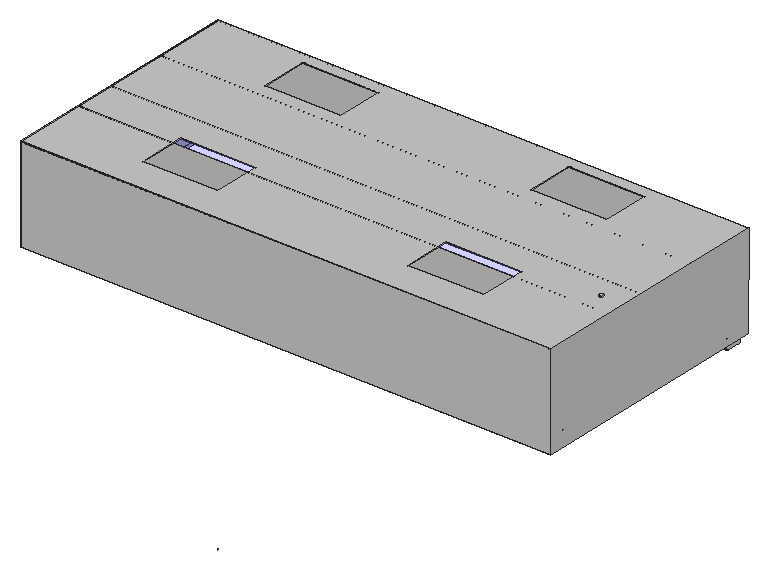
Revit family "QF_ELECTROLUXPROFESSIONAL_640040_STPF1328", category Specialty Equipment, Revit 2014
Reference planes
  plane 1: z = 0
  plane 2 "Center (Left/Right)": x = 150
  plane 3 "LEFT": x = -1250
  plane 4 "RIGHT": x = 1550
  plane 5 "BACK": y = 550
  plane 6 "TOP": z = 2500
  plane 7 "Base": z = 2000
  plane 8: z = 1955
  plane 9 "DrainY": y = 490
  plane 10: x = -1247
  plane 11 "DrainX": x = 1430
  plane 12 "AOLeft2": x = -350
  plane 13 "AORight1": x = 650
  plane 14: x = 1547
  plane 15: x = -1050
  plane 16: x = 1350
  plane 17 "Center (Front/Back)": y = -100
  plane 18 "Front": y = -750
  plane 19 "AOLeft1": x = -750
  plane 20 "AORight2": x = 1050
  plane 21: y = -664
  plane 22: y = -414
  plane 23: y = 240
  plane 24: y = 490
  plane 25 "EI_y": y = -270
  plane 26 "EIx": x = 1430
Forms (mm)
  Extrusion 1, solid, material "QF_Finishes_Stainless Steel"
    sketch origin (-1250, 0, 360) x (0, 1, 0) y (0, 0, 1)
      loop
        line (550, 1640) -> (550, 2140) -> (-750, 2140) -> (-750, 1640) -> (550, 1640)
    from 0 to 3
  Extrusion 2, solid, material "QF_Finishes_Stainless Steel"
    sketch origin (1550, 0, 360) x (0, 1, 0) y (0, 0, 1)
      loop
        line (550, 1640) -> (550, 2140) -> (-750, 2140) -> (-750, 1640) -> (550, 1640)
    from 0 to -3
  Extrusion 3, solid, material "QF_Finishes_Stainless Steel"
    sketch origin (150, 0, 360) x (0, 1, 0) y (0, 0, 1)
      loop
        line (-750, 2140) -> (-750, 1640) -> (-740, 1640) -> (-740, 1640.8) -> (-749.2, 1640.8) -> (-749.2, 2139.19) -> (549.2, 2139.19) -> (549.2, 1640.8) -> (540, 1640.8) -> (540, 1640) -> (550, 1640) -> (550, 2140) -> (-750, 2140)
    from -1400 to 1400
  Extrusion 4, solid, material "QF_Finishes_Stainless Steel"
    sketch origin (0, 0, 2000) x (0, 1, 0) y (-1, 0, 0)
      loop
        circle (490, -1430) r 4.763
    from -30 to 0
  Extrusion 5, void
    sketch origin (0, 0, 2500) x (0, 1, 0) y (-1, 0, 0)
      loop
        line (-320, 350) -> (-320, 750) -> (-570, 750) -> (-570, 350) -> (-320, 350)
    from 0 to -10
  Extrusion 6, solid, material "QF_Finishes_Stainless Steel"
    sketch origin (0, 0, 0) x (1, 0, 0) y (0, 1, 0)
      loop
        line (-1250, 550) -> (-1250, 549) -> (-1249, 549) -> (-1249, 550) -> (-1250, 550)
    from 0 to 1
  Extrusion 7, solid, material "QF_LAMPS"
    sketch origin (150, 0, 360) x (0, 1, 0) y (0, 0, 1)
      loop
        line (-372.823, 1962.324) -> (-218.948, 2086.929) -> (-227.129, 2097.032) -> (-381.003, 1972.426) -> (-372.823, 1962.324)
    from 1397 to -1397
  Extrusion 8, solid, material "QF_Finishes_Stainless Steel"
    sketch origin (150, 0, 360) x (0, 1, 0) y (0, 0, 1)
      loop
        line (-750, 2139.19) -> (-750, 1640) -> (-686.602, 1640) -> (-599.146, 1690.493) -> (-610.058, 1709.394) -> (-666.564, 1676.77) -> (-714.704, 1680.982) -> (-749.2, 1730.248) -> (-749.2, 2139.19) -> (-750, 2139.19)
      loop
        line (-373.6, 1961.694) -> (-381.937, 1971.99) -> (-369.095, 1982.182) -> (-369.095, 2139.19) -> (-369.895, 2139.19) -> (-369.895, 1982.569) -> (-682.298, 1734.63) -> (-671.091, 1720.79) -> (-373.6, 1961.694)
      loop
        line (-227.61, 2099.216) -> (-218.171, 2087.559) -> (-154.411, 2139.19) -> (-155.682, 2139.19) -> (-218.052, 2088.684) -> (-226.989, 2099.719) -> (-227.61, 2099.216)
    from -1397 to 1397
  Sweep 9, solid, material "QF_Finishes_Stainless Steel"
    path origin (0, 0, 0) x (1, 0, 0) y (0, 1, 0)
      loop
        line (1550, 550) -> (-1250, 550) -> (-1250, -750) -> (1550, -750) -> (1550, 550)
    profile origin (1550, -100, 0) x (1, 0, 0) y (0, 0, 1)
      loop
        line (-3, 2000) -> (-3, 2000.8) -> (-19, 2000.8) -> (-19, 2010) -> (-20, 2010) -> (-20, 2000) -> (-3, 2000)
  Extrusion 10, solid, material "QF_Finishes_Stainless Steel"
    sketch origin (150, 0, 0) x (0, 1, 0) y (0, 0, 1)
      loop
        line (414.66, 2095.469) -> (440.643, 2110.471) -> (261.744, 2411.771) -> (235.948, 2396.455) -> (414.66, 2095.469)
    from -1397 to -1200
  Extrusion 11, void
    sketch origin (1134.605, 0, 2500) x (0, 1, 0) y (-1, 0, 0)
      loop
        line (-320, 84.605) -> (-320, 484.605) -> (-570, 484.605) -> (-570, 84.605) -> (-320, 84.605)
    from 0 to -10
  Extrusion 12, solid, material "QF_Finishes_Stainless Steel"
    sketch origin (1430, 0, 0) x (0, 1, 0) y (0, 0, 1)
      loop
        line (539, 2000) -> (441, 2000) -> (441, 1989) -> (448.5, 1989) -> (448.5, 1965)
        arc (448.5, 1965) -> (451.429, 1957.929) -> (458.5, 1955) r 10
        line (458.5, 1955) -> (521.5, 1955)
        arc (521.5, 1955) -> (528.571, 1957.929) -> (531.5, 1965) r 10
        line (531.5, 1965) -> (531.5, 1989) -> (539, 1989) -> (539, 2000)
    from 90 to -90
  Extrusion 13, solid, material "QF_Finishes_Stainless Steel"
    sketch origin (150, 0, 360) x (0, 1, 0) y (0, 0, 1)
      loop
        line (-750, 2139.19) -> (-750, 1640) -> (-686.602, 1640) -> (-599.146, 1690.493) -> (-610.058, 1709.394) -> (-666.564, 1676.77) -> (-714.704, 1680.982) -> (-749.2, 1730.248) -> (-749.2, 2139.19) -> (-750, 2139.19)
      loop
        line (-373.6, 1961.694) -> (-381.937, 1971.99) -> (-369.095, 1982.182) -> (-369.095, 2139.19) -> (-369.895, 2139.19) -> (-369.895, 1982.569) -> (-682.298, 1734.63) -> (-671.091, 1720.79) -> (-373.6, 1961.694)
      loop
        line (-227.61, 2099.216) -> (-218.171, 2087.559) -> (-154.411, 2139.19) -> (-155.682, 2139.19) -> (-218.052, 2088.684) -> (-226.989, 2099.719) -> (-227.61, 2099.216)
    from -1397 to 1397
  Extrusion 14, solid, material "QF_Finishes_Stainless Steel"
    sketch origin (150, 0, 0) x (0, 1, 0) y (0, 0, 1)
      loop
        line (414.66, 2095.469) -> (440.643, 2110.471) -> (261.744, 2411.771) -> (235.948, 2396.455) -> (414.66, 2095.469)
    from 1200 to 1397
  Extrusion 15, solid, material "QF_Finished_Chrome"
    sketch origin (150, 0, 0) x (0, 1, 0) y (0, 0, 1)
      loop
        line (414.66, 2095.469) -> (440.643, 2110.471) -> (261.744, 2411.771) -> (235.948, 2396.455) -> (414.66, 2095.469)
    from -1200 to 1200
  Extrusion 16, void
    sketch origin (0, 1180, 2500) x (0, 1, 0) y (-1, 0, 0)
      loop
        line (-690, 350) -> (-690, 750) -> (-940, 750) -> (-940, 350) -> (-690, 350)
    from 0 to -10
  Extrusion 17, void
    sketch origin (1600, 1180, 2500) x (0, 1, 0) y (-1, 0, 0)
      loop
        line (-690, 550) -> (-690, 950) -> (-940, 950) -> (-940, 550) -> (-690, 550)
    from 0 to -10
  Extrusion 18, solid, material "QF_Finishes_Stainless Steel"
    sketch origin (0, 0, 2500) x (0, 1, 0) y (-1, 0, 0)
      loop
        circle (-270, -1430) r 10
    from 0 to 1.6
  Extrusion 19, solid, material "QF_Finishes_Stainless Steel"
    sketch origin (150, 0, 360) x (0, 1, 0) y (0, 0, 1)
      loop
        line (430.005, 1640) -> (540, 1640) -> (540, 1640.8) -> (430.467, 1640.8) -> (371.906, 1742.23) -> (414.858, 1734.657) -> (442.266, 1750.481) -> (442.266, 1765.943) -> (441.466, 1765.943) -> (441.466, 1750.943) -> (414.709, 1735.495) -> (321.153, 1751.991) -> (320.875, 1750.416) -> (371.4, 1741.507) -> (430.005, 1640)
      loop
        line (172.529, 2139.19) -> (242.893, 2017.316) -> (245.133, 2018.715) -> (240.13, 2027.381) -> (238.569, 2026.405) -> (173.453, 2139.19) -> (172.529, 2139.19)
    from -1397 to 1397
Cuts and joins
  Extrusion 5, Extrusion 11, Extrusion 16, Extrusion 17 cuts Extrusion 3
  joined: Extrusion 2, Extrusion 3, Sweep 9
Lines and regions (mm)
  symbolic lines, style "SpecialityEquipment", detail levels coarse
    curve 1: line (1550, 550, 2500) -> (-1250, 550, 2500)
    curve 2: line (-1250, 550, 2500) -> (-1250, -750, 2500)
    curve 3: line (1550, -750, 2500) -> (1550, 550, 2500)
    curve 4: line (-1250, 550, 0) -> (1550, -750, 0)
    curve 5: line (1550, 550, 0) -> (-1250, -750, 0)
    curve 6: line (-1250, -750, 0) -> (1550, -750, 0)
    curve 7: line (-350, -320, 0) -> (-750, -320, 0)
    curve 8: line (-350, -570, 0) -> (-350, -320, 0)
    curve 9: line (-750, -570, 0) -> (-350, -570, 0)
    curve 10: line (-750, -320, 0) -> (-750, -570, 0)
    curve 11: line (650, -320, 0) -> (650, -570, 0)
    curve 12: line (1050, -320, 0) -> (650, -320, 0)
    curve 13: line (1050, -570, 0) -> (1050, -320, 0)
    curve 14: line (650, -570, 0) -> (1050, -570, 0)
  symbolic lines, detail levels coarse
    curve 15: line (-750, 240, 2500) -> (-350, 240, 2500)
    curve 16: line (-750, 490, 2500) -> (-750, 240, 2500)
    curve 17: line (-350, 490, 2500) -> (-750, 490, 2500)
    curve 18: line (-350, 240, 2500) -> (-350, 490, 2500)
    curve 19: line (650, 490, 2500) -> (650, 240, 2500)
    curve 20: line (1050, 490, 2500) -> (650, 490, 2500)
    curve 21: line (650, 240, 2500) -> (1050, 240, 2500)
    curve 22: line (1050, 240, 2500) -> (1050, 490, 2500)
Dimensions and locks
  plane 3 "LEFT" to plane 4 "RIGHT" = 2800 mm
  equal spacing: plane 3 "LEFT", plane 2 "Center (Left/Right)", plane 4 "RIGHT"
  plane 7 "Base" to plane 8 = 45 mm
  plane 5 "BACK" to plane 9 "DrainY" = 60 mm  (x2)
  plane 3 "LEFT" to plane 10 = 3 mm
  plane 11 "DrainX" to plane 4 "RIGHT" = 120 mm
  plane 14 to plane 4 "RIGHT" = 3 mm
  plane 3 "LEFT" to plane 15 = 200 mm
  plane 16 to plane 4 "RIGHT" = 200 mm
  locked: plane 12 "AOLeft2" to plane 13 "AORight1" at 1000
  equal spacing: plane 12 "AOLeft2", plane 2 "Center (Left/Right)", plane 13 "AORight1"
  locked: plane 7 "Base" to level at 2000
  locked: plane 6 "TOP" to plane 7 "Base" at 500
  locked: plane 5 "BACK" to plane 18 "Front" at 1300
  equal spacing: plane 5 "BACK", plane 17 "Center (Front/Back)", plane 18 "Front"
  locked: plane 19 "AOLeft1" to plane 12 "AOLeft2" at 400
  locked: plane 13 "AORight1" to plane 20 "AORight2" at 400
  locked: plane 22 to plane 21 at 250
  plane 21 to plane 18 "Front" = 86 mm
  locked: plane 24 to plane 23 at 250
  plane 5 "BACK" to plane 24 = 60 mm
  locked: plane 25 "EI_y" to plane 18 "Front" at 480
  locked: plane 26 "EIx" to plane 4 "RIGHT" at 120
  plane 5 "BACK" to plane 18 "Front" = 1300 mm
  aligned and locked: level to plane 1
  aligned and locked: plane 4 "RIGHT" to Extrusion 3
  aligned and locked: Extrusion 3 to plane 3 "LEFT"
  aligned and locked: Extrusion 2 to plane 14
  aligned and locked: Extrusion 10 to plane 10
  aligned and locked: Extrusion 8 to plane 10
  aligned and locked: plane 14 to Extrusion 8
  aligned and locked: Extrusion 5 to plane 19 "AOLeft1"
  aligned and locked: Extrusion 5 to plane 12 "AOLeft2"
  aligned and locked: plane 20 "AORight2" to Extrusion 11
  aligned and locked: plane 13 "AORight1" to Extrusion 11
  aligned and locked: plane 15 to Extrusion 10
  aligned and locked: plane 16 to Extrusion 14
  aligned and locked: plane 14 to Extrusion 14
  aligned and locked: Extrusion 15 to plane 15
  aligned and locked: Extrusion 15 to plane 16
  aligned and locked: plane 14 to Extrusion 7
  aligned and locked: Extrusion 7 to plane 10
  aligned and locked: Extrusion 16 to plane 23
  aligned and locked: plane 24 to Extrusion 16
  aligned and locked: plane 24 to Extrusion 17
  aligned and locked: Extrusion 17 to plane 23
  aligned and locked: plane 13 "AORight1" to Extrusion 17
  aligned and locked: plane 20 "AORight2" to Extrusion 17
  aligned and locked: Extrusion 16 to plane 19 "AOLeft1"
  aligned and locked: Extrusion 16 to plane 12 "AOLeft2"
  aligned and locked: Extrusion 19 to plane 10
  aligned and locked: plane 14 to Extrusion 19
  aligned and locked: plane 14 to Extrusion 13
  aligned and locked: Extrusion 13 to plane 10
Automatic sketch dimensions
  curve 6 to plane 3 "LEFT" = 0 mm
  curve 4 to plane 3 "LEFT" = 0 mm
  curve 10 to plane 19 "AOLeft1" = 0 mm
  curve 8 to plane 12 "AOLeft2" = 0 mm
  curve 14 to plane 13 "AORight1" = 0 mm
  curve 14 to plane 20 "AORight2" = 0 mm
  curve 5 to plane 4 "RIGHT" = 0 mm
  curve 6 to plane 4 "RIGHT" = 0 mm
  curve 4 to plane 18 "Front" = 0 mm
  curve 4 to plane 5 "BACK" = 0 mm
  curve 5 to plane 5 "BACK" = 0 mm
  plane 21 to curve 14 = 94 mm
  plane 21 to curve 9 = 94 mm
  curve 10 to plane 25 "EI_y" = 50 mm
  curve 11 to plane 25 "EI_y" = 50 mm
  curve 2 to plane 3 "LEFT" = 0 mm
  curve 2 to plane 18 "Front" = 0 mm
  curve 3 to plane 4 "RIGHT" = 0 mm
  curve 3 to plane 18 "Front" = 0 mm
  curve 2 to plane 5 "BACK" = 0 mm
  Extrusion 1 sketch curve to plane 7 "Base" = 0 mm
  Extrusion 1 sketch curve to plane 18 "Front" = 0 mm
  Extrusion 1 sketch curve to plane 5 "BACK" = 0 mm
  Extrusion 1 sketch curve to plane 6 "TOP" = 0 mm
  Extrusion 2 sketch curve to plane 7 "Base" = 0 mm
  Extrusion 2 sketch curve to plane 18 "Front" = 0 mm
  Extrusion 2 sketch curve to plane 5 "BACK" = 0 mm
  Extrusion 2 sketch curve to plane 6 "TOP" = 0 mm
  Extrusion 3 sketch curve to plane 6 "TOP" = 0 mm
  Extrusion 3 sketch curve to plane 18 "Front" = 0 mm
  Extrusion 3 sketch curve to plane 7 "Base" = 0 mm  (x2)
  Extrusion 3 sketch curve to plane 5 "BACK" = 0 mm
  plane 18 "Front" to Extrusion 3 sketch curve = 0.8 mm
  Extrusion 3 sketch curve to Extrusion 3 sketch curve = 9.2 mm
  plane 7 "Base" to Extrusion 3 sketch curve = 0.8 mm  (x2)
  Extrusion 3 sketch curve to plane 5 "BACK" = 10 mm
  Extrusion 3 sketch curve to plane 5 "BACK" = 0.8 mm
  Extrusion 3 sketch curve to plane 6 "TOP" = 0.81 mm
  Extrusion 4 sketch curve to plane 9 "DrainY" = 0 mm
  Extrusion 4 sketch curve to plane 11 "DrainX" = 0 mm
  Extrusion 5 sketch curve to plane 12 "AOLeft2" = 0 mm
  Extrusion 5 sketch curve to plane 19 "AOLeft1" = 0 mm
  plane 21 to Extrusion 5 sketch curve = 94 mm
  Extrusion 5 sketch curve to plane 25 "EI_y" = 50 mm
  Extrusion 6 sketch curve to plane 3 "LEFT" = 0 mm
  Extrusion 6 sketch curve to plane 5 "BACK" = 0 mm
  plane 3 "LEFT" to Extrusion 6 sketch curve = 1 mm
  Extrusion 6 sketch curve to Extrusion 6 sketch curve = 1 mm
  plane 22 to Extrusion 7 sketch curve = 32.997 mm
  Extrusion 7 sketch curve to Extrusion 7 sketch curve = 8.181 mm  (x2)
  plane 25 "EI_y" to Extrusion 7 sketch curve = 42.871 mm
  Extrusion 7 sketch curve to plane 6 "TOP" = 177.676 mm
  Extrusion 7 sketch curve to Extrusion 7 sketch curve = 10.102 mm
  Extrusion 7 sketch curve to plane 6 "TOP" = 53.071 mm
  Extrusion 7 sketch curve to Extrusion 7 sketch curve = 10.103 mm
  Extrusion 8 sketch curve to plane 7 "Base" = 0 mm
  Extrusion 8 sketch curve to plane 18 "Front" = 0 mm
  Extrusion 8 sketch curve to Extrusion 8 sketch curve = 0.8 mm  (x2)
  plane 18 "Front" to Extrusion 8 sketch curve = 35.296 mm
  Extrusion 8 sketch curve to plane 21 = 22.602 mm
  Extrusion 8 sketch curve to plane 21 = 18.298 mm
  Extrusion 8 sketch curve to plane 21 = 7.091 mm
  Extrusion 8 sketch curve to plane 21 = 2.564 mm
  plane 21 to Extrusion 8 sketch curve = 53.942 mm
  Extrusion 8 sketch curve to Extrusion 8 sketch curve = 10.912 mm
  plane 22 to Extrusion 8 sketch curve = 32.063 mm
  Extrusion 8 sketch curve to Extrusion 8 sketch curve = 8.337 mm
  Extrusion 8 sketch curve to Extrusion 8 sketch curve = 12.042 mm
  plane 25 "EI_y" to Extrusion 8 sketch curve = 42.39 mm
  Extrusion 8 sketch curve to Extrusion 8 sketch curve = 0.622 mm
  Extrusion 8 sketch curve to Extrusion 8 sketch curve = 9.44 mm
  Extrusion 8 sketch curve to Extrusion 8 sketch curve = 0.118 mm
  Extrusion 8 sketch curve to plane 6 "TOP" = 0.81 mm  (x3)
  Extrusion 8 sketch curve to plane 17 "Center (Front/Back)" = 55.682 mm
  Extrusion 8 sketch curve to Extrusion 8 sketch curve = 1.271 mm
  plane 7 "Base" to Extrusion 8 sketch curve = 36.77 mm
  plane 7 "Base" to Extrusion 8 sketch curve = 40.982 mm
  plane 7 "Base" to Extrusion 8 sketch curve = 50.493 mm
  Extrusion 8 sketch curve to Extrusion 8 sketch curve = 18.901 mm
  Extrusion 8 sketch curve to Extrusion 8 sketch curve = 44.02 mm
  Extrusion 8 sketch curve to Extrusion 8 sketch curve = 49.266 mm
  Extrusion 8 sketch curve to Extrusion 8 sketch curve = 13.84 mm
  Extrusion 8 sketch curve to plane 6 "TOP" = 178.306 mm
  Extrusion 8 sketch curve to Extrusion 8 sketch curve = 10.296 mm
  Extrusion 8 sketch curve to Extrusion 8 sketch curve = 10.192 mm
  Extrusion 8 sketch curve to Extrusion 8 sketch curve = 0.386 mm
  Extrusion 8 sketch curve to plane 6 "TOP" = 52.441 mm
  Extrusion 8 sketch curve to Extrusion 8 sketch curve = 1.125 mm
  Sweep 9 sketch curve to plane 3 "LEFT" = 0 mm
  Sweep 9 sketch curve to plane 4 "RIGHT" = 0 mm
  Sweep 9 sketch curve to plane 18 "Front" = 0 mm
  Sweep 9 sketch curve to plane 5 "BACK" = 0 mm
  profile plane to Sweep 9 sketch curve = 20 mm
  Sweep 9 sketch curve to Sweep 9 sketch curve = 1 mm
  profile plane to Sweep 9 sketch curve = 3 mm
  level to Sweep 9 sketch curve = 2000 mm
  Sweep 9 sketch curve to Sweep 9 sketch curve = 0.8 mm
  Sweep 9 sketch curve to Sweep 9 sketch curve = 9.2 mm
  Extrusion 10 sketch curve to plane 23 = 4.052 mm
  plane 23 to Extrusion 10 sketch curve = 21.744 mm
  Extrusion 10 sketch curve to plane 9 "DrainY" = 75.34 mm
  Extrusion 10 sketch curve to Extrusion 10 sketch curve = 25.983 mm
  plane 7 "Base" to Extrusion 10 sketch curve = 95.469 mm
  Extrusion 10 sketch curve to Extrusion 10 sketch curve = 15.001 mm
  Extrusion 10 sketch curve to plane 6 "TOP" = 103.545 mm
  Extrusion 10 sketch curve to Extrusion 10 sketch curve = 15.316 mm
  Extrusion 11 sketch curve to plane 20 "AORight2" = 0 mm
  Extrusion 11 sketch curve to plane 13 "AORight1" = 0 mm
  plane 21 to Extrusion 11 sketch curve = 94 mm
  Extrusion 11 sketch curve to plane 25 "EI_y" = 50 mm
  Extrusion 13 sketch curve to plane 7 "Base" = 0 mm
  Extrusion 13 sketch curve to plane 18 "Front" = 0 mm
  Extrusion 13 sketch curve to Extrusion 13 sketch curve = 0.8 mm  (x2)
  plane 18 "Front" to Extrusion 13 sketch curve = 35.296 mm
  Extrusion 13 sketch curve to plane 21 = 22.602 mm
  Extrusion 13 sketch curve to plane 21 = 18.298 mm
  Extrusion 13 sketch curve to plane 21 = 7.091 mm
  Extrusion 13 sketch curve to plane 21 = 2.564 mm
  plane 21 to Extrusion 13 sketch curve = 53.942 mm
  Extrusion 13 sketch curve to Extrusion 13 sketch curve = 10.912 mm
  plane 22 to Extrusion 13 sketch curve = 32.063 mm
  Extrusion 13 sketch curve to Extrusion 13 sketch curve = 8.337 mm
  Extrusion 13 sketch curve to plane 6 "TOP" = 0.81 mm  (x3)
  plane 22 to Extrusion 13 sketch curve = 44.105 mm
  plane 25 "EI_y" to Extrusion 13 sketch curve = 42.39 mm
  Extrusion 13 sketch curve to Extrusion 13 sketch curve = 0.622 mm
  Extrusion 13 sketch curve to Extrusion 13 sketch curve = 9.44 mm
  Extrusion 13 sketch curve to Extrusion 13 sketch curve = 0.118 mm
  Extrusion 13 sketch curve to plane 17 "Center (Front/Back)" = 55.682 mm
  Extrusion 13 sketch curve to Extrusion 13 sketch curve = 1.271 mm
  plane 7 "Base" to Extrusion 13 sketch curve = 36.77 mm
  plane 7 "Base" to Extrusion 13 sketch curve = 40.982 mm
  plane 7 "Base" to Extrusion 13 sketch curve = 50.493 mm
  Extrusion 13 sketch curve to Extrusion 13 sketch curve = 18.901 mm
  Extrusion 13 sketch curve to Extrusion 13 sketch curve = 44.02 mm
  Extrusion 13 sketch curve to Extrusion 13 sketch curve = 49.266 mm
  Extrusion 13 sketch curve to Extrusion 13 sketch curve = 13.84 mm
  Extrusion 13 sketch curve to Extrusion 13 sketch curve = 177.496 mm
  Extrusion 13 sketch curve to Extrusion 13 sketch curve = 10.296 mm
  Extrusion 13 sketch curve to Extrusion 13 sketch curve = 10.192 mm
  Extrusion 13 sketch curve to Extrusion 13 sketch curve = 0.386 mm
  Extrusion 13 sketch curve to plane 6 "TOP" = 52.441 mm
  Extrusion 13 sketch curve to Extrusion 13 sketch curve = 1.125 mm
  Extrusion 14 sketch curve to plane 23 = 4.052 mm
  plane 23 to Extrusion 14 sketch curve = 21.744 mm
  Extrusion 14 sketch curve to plane 9 "DrainY" = 75.34 mm
  Extrusion 14 sketch curve to Extrusion 14 sketch curve = 25.983 mm
  plane 7 "Base" to Extrusion 14 sketch curve = 95.469 mm
  Extrusion 14 sketch curve to Extrusion 14 sketch curve = 15.001 mm
  Extrusion 14 sketch curve to plane 6 "TOP" = 103.545 mm
  Extrusion 14 sketch curve to Extrusion 14 sketch curve = 15.316 mm
  Extrusion 15 sketch curve to plane 23 = 4.052 mm
  plane 23 to Extrusion 15 sketch curve = 21.744 mm
  Extrusion 15 sketch curve to plane 9 "DrainY" = 75.34 mm
  Extrusion 15 sketch curve to Extrusion 15 sketch curve = 25.983 mm
  plane 7 "Base" to Extrusion 15 sketch curve = 95.469 mm
  Extrusion 15 sketch curve to Extrusion 15 sketch curve = 15.001 mm
  Extrusion 15 sketch curve to plane 6 "TOP" = 103.545 mm
  Extrusion 15 sketch curve to Extrusion 15 sketch curve = 15.316 mm
  Extrusion 16 sketch curve to plane 12 "AOLeft2" = 0 mm
  Extrusion 16 sketch curve to plane 23 = 0 mm
  Extrusion 16 sketch curve to plane 9 "DrainY" = 0 mm
  Extrusion 16 sketch curve to plane 19 "AOLeft1" = 0 mm
  Extrusion 17 sketch curve to plane 20 "AORight2" = 0 mm
  Extrusion 17 sketch curve to plane 23 = 0 mm
  Extrusion 17 sketch curve to plane 9 "DrainY" = 0 mm
  Extrusion 17 sketch curve to plane 13 "AORight1" = 0 mm
  Extrusion 18 sketch curve to plane 25 "EI_y" = 0 mm
  Extrusion 18 sketch curve to plane 26 "EIx" = 0 mm
  Extrusion 19 sketch curve to plane 7 "Base" = 0 mm
  Extrusion 19 sketch curve to plane 9 "DrainY" = 47.734 mm
  Extrusion 19 sketch curve to Extrusion 19 sketch curve = 0.8 mm
  plane 9 "DrainY" to Extrusion 19 sketch curve = 50 mm
  plane 7 "Base" to Extrusion 19 sketch curve = 0.8 mm
  Extrusion 19 sketch curve to Extrusion 19 sketch curve = 109.533 mm
  Extrusion 19 sketch curve to Extrusion 19 sketch curve = 0.462 mm  (x2)
  Extrusion 19 sketch curve to Extrusion 19 sketch curve = 26.608 mm
  Extrusion 19 sketch curve to Extrusion 19 sketch curve = 0.148 mm
  Extrusion 19 sketch curve to Extrusion 19 sketch curve = 42.803 mm
  Extrusion 19 sketch curve to Extrusion 19 sketch curve = 0.506 mm
  Extrusion 19 sketch curve to Extrusion 19 sketch curve = 50.247 mm
  Extrusion 19 sketch curve to Extrusion 19 sketch curve = 0.278 mm
  plane 23 to Extrusion 19 sketch curve = 5.133 mm
  Extrusion 19 sketch curve to Extrusion 19 sketch curve = 2.24 mm
  plane 23 to Extrusion 19 sketch curve = 0.13 mm
  Extrusion 19 sketch curve to plane 23 = 1.431 mm
  Extrusion 19 sketch curve to plane 6 "TOP" = 0.81 mm
  Extrusion 19 sketch curve to plane 23 = 66.547 mm
  Extrusion 19 sketch curve to Extrusion 19 sketch curve = 0.924 mm
  plane 7 "Base" to Extrusion 19 sketch curve = 94.657 mm
  Extrusion 19 sketch curve to Extrusion 19 sketch curve = 0.838 mm
  Extrusion 19 sketch curve to Extrusion 19 sketch curve = 6.012 mm
  Extrusion 19 sketch curve to Extrusion 19 sketch curve = 0.723 mm
  Extrusion 19 sketch curve to Extrusion 19 sketch curve = 14.986 mm
  Extrusion 19 sketch curve to Extrusion 19 sketch curve = 15 mm
  Extrusion 19 sketch curve to plane 6 "TOP" = 122.684 mm
  Extrusion 19 sketch curve to Extrusion 19 sketch curve = 1.399 mm
  Extrusion 19 sketch curve to Extrusion 19 sketch curve = 9.089 mm
  Extrusion 19 sketch curve to Extrusion 19 sketch curve = 0.975 mm
  curve 15 to plane 19 "AOLeft1" = 0 mm
  curve 15 to plane 23 = 0 mm
  curve 16 to plane 9 "DrainY" = 0 mm
  curve 15 to plane 12 "AOLeft2" = 0 mm
  curve 19 to plane 13 "AORight1" = 0 mm
  curve 19 to plane 23 = 0 mm
  curve 20 to plane 9 "DrainY" = 0 mm
  curve 21 to plane 20 "AORight2" = 0 mm
  Extrusion 12 sketch curve to plane 8 = 0 mm
  Extrusion 12 sketch curve to plane 7 "Base" = 11 mm  (x2)
  Extrusion 12 sketch curve to plane 9 "DrainY" = 49 mm
  Extrusion 12 sketch curve to Extrusion 12 sketch curve = 7.5 mm  (x2)
  Extrusion 12 sketch curve to Extrusion 12 sketch curve = 10 mm
  Extrusion 12 sketch curve to plane 5 "BACK" = 28.5 mm
  Extrusion 12 sketch curve to plane 5 "BACK" = 18.5 mm
  plane 7 "Base" to Extrusion 12 sketch curve = 0 mm
  radius of Extrusion 4 sketch curve = 4.763 mm
  radius of Extrusion 18 sketch curve = 10 mm
Connectors
  piping at (1430, 490, 1970), diameter 9.5
    settings: on Extrusion 4, index 1, connector inside diameter 609.6 mm, connector length 0 mm, flow factor 0, pipe flow 0.0 L/s, pressure drop 0.0 Pa, fitting loss kfactor 0, connector angle 0.00°, fixture units 0, engagement length 0 mm, angle of deflection 0.00°, flow configuration 1, flow direction 2, fitting loss method 0, system type 16, joint type 0, gender type 0, connector reference index -1, connector utility 0, adjustable connector no, is connector primary yes, connector description "Drain"
  hvac at (-550, -445, 2500)
    settings: on Extrusion 5, index 2, duct flow 0.0 L/s, flow factor 0, pres drop 0.0 Pa, loss coef 0, conn angle 0.00°, conn width 250 mm, conn height 400 mm, conn diameter 609.6 mm, duct sys type 1, conn prof type 1, flow config 1, flow direction 1, loss method 0, conn ref index -1, conn util no, is conn primary yes, conn desc "AIR INLET"
  hvac at (850, -445, 2500)
    settings: on Extrusion 11, index 3, duct flow 0.0 L/s, flow factor 0, pres drop 0.0 Pa, loss coef 0, conn angle 0.00°, conn width 250 mm, conn height 400 mm, conn diameter 609.6 mm, duct sys type 1, conn prof type 1, flow config 1, flow direction 1, loss method 0, conn ref index -1, conn util no, is conn primary no, conn desc "AIR INLET"
  hvac at (-550, 365, 2500)
    settings: on Extrusion 16, index 4, duct flow 0.0 L/s, flow factor 0, pres drop 0.0 Pa, loss coef 0, conn angle 0.00°, conn width 250 mm, conn height 400 mm, conn diameter 609.6 mm, duct sys type 3, conn prof type 1, flow config 1, flow direction 2, loss method 0, conn ref index -1, conn util no, is conn primary no, conn desc "EXHAUST OUTLET"
  hvac at (850, 365, 2500)
    settings: on Extrusion 17, index 5, duct flow 0.0 L/s, flow factor 0, pres drop 0.0 Pa, loss coef 0, conn angle 0.00°, conn width 250 mm, conn height 400 mm, conn diameter 609.6 mm, duct sys type 3, conn prof type 1, flow config 1, flow direction 2, loss method 0, conn ref index -1, conn util no, is conn primary no, conn desc "EXHAUST OUTLET"
  electrical at (1430, -270, 2501.6)
    settings: on Extrusion 18, index 6, voltage 0 V, apparent load 0 VA, apparent load phase1 0 VA, apparent load phase2 0 VA, apparent load phase3 0 VA, power factor 1, load classification "Other", number of poles 1, system type 30, power factor state 1, is connector primary yes, connector utility no, sub classification motor no, connector description "Electrical Connection"
